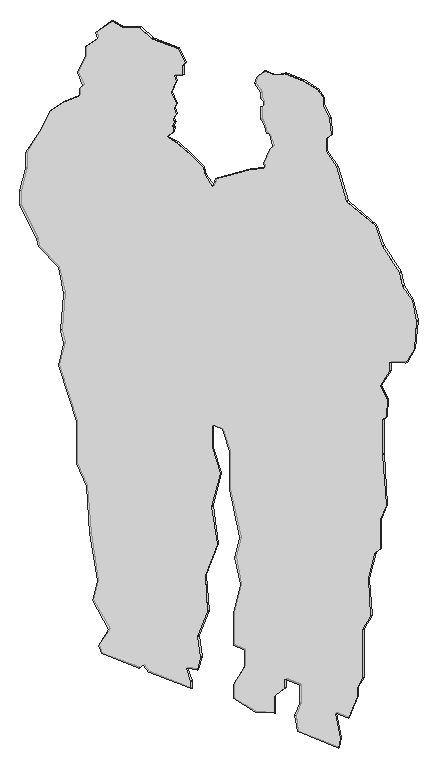
Revit family "Flat Arabs 02", category Entourage, Revit 2015
Parameters
  Flat Material [instance] = none
  Height = 0 mm
Reference planes
  plane 1 "Center (Front/Back)": y = 0
  plane 2: z = 0
  plane 3 "Center (Left/Right)": x = 0
  plane 4: z = 1800
Forms (mm)
  Extrusion 1, solid, material <- "Flat Material"
    sketch origin (0, 0, 0) x (1, 0, 0) y (0, 0, 1)
      loop
        line (-273.514, 1758.428) -> (-328.684, 1742.608) -> (-358.228, 1747.817) -> (-407.726, 1698.32) -> (-403.591, 1683.901) -> (-438.947, 1648.546) -> (-438.947, 1623.546) -> (-464.304, 1569.167) -> (-446.804, 1538.856) -> (-457.41, 1528.25) -> (-457.41, 1508.25) -> (-509.823, 1471.55) -> (-548.714, 1432.659) -> (-574.071, 1378.28) -> (-621.571, 1296.008) -> (-621.571, 1251.008) -> (-639.689, 1183.393) -> (-639.689, 1143.393) -> (-588.067, 1069.669) -> (-582.89, 1050.351) -> (-522.269, 1015.351) -> (-505.058, 951.121) -> (-514.21, 846.52) -> (-505.151, 812.713) -> (-522.993, 746.125) -> (-466.337, 612.652) -> (-466.337, 497.652) -> (-436.337, 445.691) -> (-425.443, 321.166) -> (-403.737, 198.065) -> (-419.266, 140.11) -> (-367.843, 78.826) -> (-399.451, 24.079) -> (-390.754, 3.592) -> (-275.754, 3.592) -> (-261.612, 17.734) -> (-247.47, 3.592) -> (-117.47, 3.592) -> (-117.47, 23.592) -> (-131.146, 55.81) -> (-96.678, 61.887) -> (-86.325, 100.524) -> (-95.875, 154.689) -> (-65.414, 234.043) -> (-73.694, 328.682) -> (-36.065, 426.707) -> (-53.43, 525.188) -> (-26.254, 626.61) -> (-51.652, 686.443) -> (-51.652, 746.443) -> (-21.652, 746.443) -> (0, 695.435) -> (0, 590.435) -> (32.352, 469.694) -> (16.823, 411.739) -> (34.941, 344.124) -> (11.647, 257.191) -> (11.647, 167.191) -> (46.647, 167.191) -> (46.647, 122.191) -> (11.647, 61.569) -> (11.647, 21.569) -> (80.583, 9.414) -> (138.539, 24.943) -> (138.539, 73.401) -> (170.359, 105.221) -> (170.359, 130.221) -> (215.359, 130.221) -> (215.359, 80.221) -> (200.514, 41.549) -> (207.84, 0) -> (332.84, 0) -> (340.605, 28.978) -> (323.782, 91.763) -> (363.782, 91.763) -> (390.659, 161.781) -> (390.659, 186.781) -> (408.159, 217.092) -> (408.159, 352.092) -> (433.159, 395.394) -> (424.444, 495.013) -> (445.149, 572.287) -> (462.827, 589.965) -> (462.827, 669.965) -> (480.745, 716.644) -> (468.979, 851.13) -> (468.979, 946.13) -> (479.586, 956.737) -> (483.944, 1006.546) -> (462.827, 1036.704) -> (490.944, 1086.558) -> (490.944, 1111.558) -> (539.24, 1124.499) -> (566.259, 1172.405) -> (573.231, 1252.101) -> (558.996, 1305.227) -> (530.712, 1333.511) -> (521.653, 1367.318) -> (468.979, 1419.992) -> (445.735, 1469.839) -> (359.571, 1504.652) -> (328.789, 1589.224) -> (296.969, 1621.044) -> (296.969, 1656.044) -> (311.111, 1670.186) -> (307.189, 1715.015) -> (287.114, 1743.685) -> (287.114, 1763.685) -> (269.437, 1781.363) -> (225.12, 1789.177) -> (170.12, 1789.177) -> (138.399, 1774.385) -> (108.399, 1774.385) -> (82.187, 1748.173) -> (78.714, 1728.477) -> (96.392, 1710.799) -> (96.392, 1695.799) -> (103.463, 1688.728) -> (103.463, 1678.728) -> (96.392, 1671.657) -> (96.392, 1636.657) -> (103.463, 1629.586) -> (112.621, 1604.426) -> (122.621, 1604.426) -> (132.881, 1576.235) -> (122.275, 1565.629) -> (103.463, 1519.069) -> (107.689, 1510.006) -> (62.374, 1488.875) -> (-6.2, 1447.672) -> (-40.486, 1427.07) -> (-49.851, 1403.89) -> (-72.12, 1426.159) -> (-78.96, 1444.953) -> (-118.156, 1467.059) -> (-159.88, 1483.916) -> (-189.424, 1489.126) -> (-171.746, 1506.803) -> (-168.901, 1522.94) -> (-172.436, 1526.476) -> (-166.386, 1537.204) -> (-170.612, 1546.267) -> (-162.139, 1561.291) -> (-167.269, 1575.386) -> (-161.65, 1589.294) -> (-177.101, 1615.009) -> (-169.732, 1628.074) -> (-169.732, 1633.074) -> (-162.24, 1651.618) -> (-167.37, 1665.714) -> (-142.105, 1674.91) -> (-142.105, 1701.455) -> (-133.055, 1710.504) -> (-155.998, 1743.271) -> (-235.998, 1743.271) -> (-273.514, 1758.428)
    from -2.5 to 2.5
Lines and regions (mm)
  model lines
    curve 1: line (0, 148, 0) -> (0, -152, 0)
    curve 2: line (148.202, -0.202, 0) -> (-151.798, -0.202, 0)
Dimensions and locks
  aligned and locked: level to plane 2
